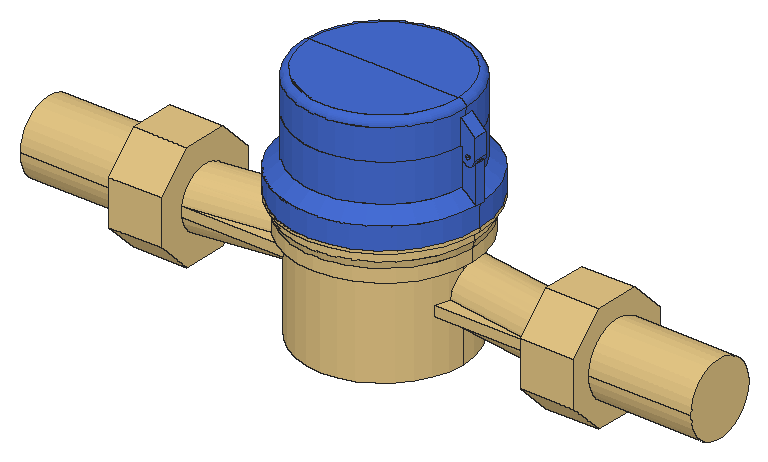
Revit family "DCST_Счетчик водяной общедомовой_ОСВХ_Нептун", category Арматура трубопроводов, Revit 2019
Family settings
  Размер круглого соединителя = Использовать диаметр
  Тип детали = Вставляется
  На основе рабочей плоскости = Нет
  Всегда вертикально = Да
  При загрузке вырезать с полостями = Нет
  Общий = Нет
Parameters (values of type "ОСВХ-25 "НЕПТУН"")
  УГО_Длина линии = L1  # 43 mm
  УГО_Длина = Монтажная длина - 20 mm + 2 * L2  # 194 mm
  УГО_Высота = УГО_Длина / 2  # 97 mm
  Тип счетчика [instance] = "крыльчатый"  # constant formula
  Тип водоснабжения [instance] = "холодное"  # constant formula
  Способ присоединения [instance] = "резьбовое"  # constant formula
  Сегмент товаров [instance] = "Общедомовые счетчики воды"  # constant formula
  Присоединение к трубопроводу [instance] = size_lookup(LT, "G", "", Диаметр условного прохода, Монтажная длина, ИПД_Код)  # "1 1/4\""
  Номинальный (рабочий) расход Qn [instance] = size_lookup(LT, "Qn", "", Диаметр условного прохода, Монтажная длина, ИПД_Код)  # "3.5 м3/ч"
  Номинальное давление [instance] = "16 кгс/см²"  # constant formula
  Наименование линейки [instance] = "ОСВХ \"НЕПТУН\""  # constant formula
  Мокроходный [instance] = "нет"  # constant formula
  Модификация оборудования [instance] = size_lookup(LT, "", "", Диаметр условного прохода, Монтажная длина, ИПД_Код)  # "ОСВХ-25 \"НЕПТУН\""
  Многоструйный [instance] = "нет"  # constant formula
  Минимальный расход Qmin_класс С [instance] = size_lookup(LT, "QminC", "", Диаметр условного прохода, Монтажная длина, ИПД_Код)  # "-"
  Минимальный расход Qmin_класс В [instance] = size_lookup(LT, "QminB", "", Диаметр условного прохода, Монтажная длина, ИПД_Код)  # "0.07 м3/ч"
  Минимальный расход Qmin_класс А [instance] = size_lookup(LT, "QminA", "", Диаметр условного прохода, Монтажная длина, ИПД_Код)  # "0.14 м3/ч"
  Метрологический класс / класс точности [instance] = if(Интерфейс передачи данных = Геркон, "класс \"C\"", "класс \"B\"")  # "класс \"B\""
  Межповерочный интервал [instance] = "6 лет"  # constant formula
  Материал корпуса [instance] = size_lookup(LT, "Mat", "", Диаметр условного прохода, Монтажная длина, ИПД_Код)  # "латунь"
  Максимальный расход Qmax [instance] = size_lookup(LT, "Qmax", "", Диаметр условного прохода, Монтажная длина, ИПД_Код)  # "7 м3/ч"
  Контакты_Разработчик = "support@bimlib.pro"  # constant formula
  Контакты_Производитель = "metronic@decast.com"  # constant formula
  Интерфейс передачи данных [instance] = ♦ : нет
  Изготовитель = "Декаст"  # constant formula
  ИПД_Код [instance] = if(Интерфейс передачи данных = Нет, 0, 1)  # 0
  Геркон = ♦ : импульсный выход (геркон)
  Нет = ♦ : нет
  Диапазон температуры измеряемой среды [instance] = size_lookup(LT, "T", "", Диаметр условного прохода, Монтажная длина, ИПД_Код)  # "от +5 до +50 °C"
  Диаметр условного прохода = 25 mm
  Watermark [instance] = "Модели защищены уникальным кодом"
  URL = "https://www.decast.com/"
  SW = 45 mm
  LT = "ОСВХ_253240"  # constant formula
  L2 = 22 mm
  L1 = 43 mm
  Монтажная длина = 170 mm
  F = 10 mm
  Dm = 30 mm
  DN40 = Диаметр условного прохода = 40 mm  # no
  DN2532 = not(DN40)  # yes
  D1 = 25 mm
  D = 25 mm
  ADSK_Наименование [instance] = size_lookup(LT, "Name", "Не найдено: счетчик для воды общедомовой", Диаметр условного прохода, Монтажная длина, ИПД_Код)  # "Счетчик воды общедомовой, монтажная длина 170 мм, Qn=3.5 м3/ч, Qmax=7 м3/ч, G 1 1/4\""
  ADSK_Масса_Текст = ""
  ADSK_Масса [instance] = size_lookup(LT, "M", 0, Диаметр условного прохода, Монтажная длина, ИПД_Код)  # 1
  ADSK_Марка [instance] = Модификация оборудования  # "ОСВХ-25 \"НЕПТУН\""
  ADSK_Количество = 1  # constant formula
  ADSK_Код изделия [instance] = size_lookup(LT, "Art", "", Диаметр условного прохода, Монтажная длина, ИПД_Код)  # "76-25-01"
  ADSK_Завод-изготовитель = "Декаст"  # constant formula
  ADSK_Единица измерения = "шт."
  ADSK_Диаметр условный = 25 mm
Types (3, lengths in mm): name | УГО_Длина линии | УГО_Длина | УГО_Высота | Присоединение к трубопроводу | Номинальный (рабочий) расход Qn | Модификация оборудования | Минимальный расход Qmin_класс В | Минимальный расход Qmin_класс А | Максимальный расход Qmax | Диаметр условного прохода | SW | L2 | L1 | Монтажная длина | F | Dm | DN40 | DN2532 | D1 | D | ADSK_Наименование | ADSK_Масса | ADSK_Марка | ADSK_Код изделия | ADSK_Диаметр условный
  ОСВХ-25 "НЕПТУН" | 43 | 194 | 97 | "1 1/4\"" | "3.5 м3/ч" | "ОСВХ-25 \"НЕПТУН\"" | "0.07 м3/ч" | "0.14 м3/ч" | "7 м3/ч" | 25 | 45 | 22 | 43 | 170 | 10 | 30 | no | yes | 25 | 25 | "Счетчик воды общедомовой, монтажная длина 170 мм, Qn=3.5 м3/ч, Qmax=7 м3/ч, G 1 1/4\"" | 1 | "ОСВХ-25 \"НЕПТУН\"" | "76-25-01" | 25
  ОСВХ-32 "НЕПТУН" | 63 | 200 | 100 | "1 1/2\"" | "6 м3/ч" | "ОСВХ-32 \"НЕПТУН\"" | "0.12 м3/ч" | "0.24 м3/ч" | "12 м3/ч" | 32 | 55 | 25 | 63 | 170 | 8 | 40 | no | yes | 32 | 32 | "Счетчик воды общедомовой, монтажная длина 170 мм, Qn=6 м3/ч, Qmax=12 м3/ч, G 1 1/2\"" | 2 | "ОСВХ-32 \"НЕПТУН\"" | "76-32-01" | 32
  ОСВХ-40 "НЕПТУН" | 63 | 220 | 110 | "2\"" | "10 м3/ч" | "ОСВХ-40 \"НЕПТУН\"" | "0.2 м3/ч" | "0.4 м3/ч" | "20 м3/ч" | 40 | 65 | 25 | 63 | 190 | 13 | 45 | yes | no | 40 | 40 | "Счетчик воды общедомовой, монтажная длина 190 мм, Qn=10 м3/ч, Qmax=20 м3/ч, G 2\"" | 2.5 | "ОСВХ-40 \"НЕПТУН\"" | "76-40-01" | 40
Reference planes
  plane 1 "По центру (Вперед/Назад)": y = 0
  plane 2: z = 0
  plane 3 "По центру (Влево/Вправо)": x = 0
  plane 4: x = -85
  plane 5: x = 85
  plane 6: x = -140
  plane 7: x = 140
  plane 8: x = -75
  plane 9: x = -97
  plane 10: x = 75
  plane 11: x = 97
  plane 12: y = 10
  plane 13: y = -12.5
  plane 14: y = 12.5
Forms (mm)
  Revolve 1, solid, material "Латунь", visible <- "DN2532", detail levels fine
    sketch origin (0, 0, 0) x (1, 0, 0) y (0, 0, 1)
      loop
        line (0, -24.9) -> (0, 28.6) -> (-40, 28.6) -> (-40, 27.4) -> (-37.65, 27.4) -> (-37.65, 23.1) -> (-36.75, 20.2) -> (-36.75, 14.7) -> (-33.1, 14.7) -> (-33.1, -24.9) -> (0, -24.9)
      axis (0, -24.9) -> (0, 28.6)
    angle from 0 to 360
  Blend 2, solid, material "Латунь", visible <- "DN2532", detail levels fine
    base sketch origin (0, 0, 0) x (0, 1, 0) y (0, 0, 1)
      loop
        circle (0, 0) r 12.5
    top sketch origin (0, 0, 0) x (0, 1, 0) y (0, 0, 1)
      loop
        circle (10, 0) r 12.5
    from -75 to -5
  Blend 3, solid, material "Латунь", visible <- "DN2532", detail levels fine
    base sketch origin (0, 0, 0) x (0, 1, 0) y (0, 0, -1)
      loop
        circle (0, 0) r 12.5
    top sketch origin (0, 0, 0) x (0, 1, 0) y (0, 0, -1)
      loop
        circle (10, 0) r 12.5
    from -75 to -5
  Extrusion 4, solid, material "Латунь", detail levels fine
    sketch origin (0, 0, 0) x (0, 1, 0) y (0, 0, 1)
      loop
        line (-22.5, -9.32) -> (-9.32, -22.5) -> (9.32, -22.5) -> (22.5, -9.32) -> (22.5, 9.32) -> (9.32, 22.5) -> (-9.32, 22.5) -> (-22.5, 9.32) -> (-22.5, -9.32)
    from -97 to -75
  Extrusion 5, solid, material "Латунь", detail levels fine
    sketch origin (0, 0, 0) x (0, 1, 0) y (0, 0, 1)
      loop
        line (-9.32, 22.5) -> (-22.5, 9.32) -> (-22.5, -9.32) -> (-9.32, -22.5) -> (9.32, -22.5) -> (22.5, -9.32) -> (22.5, 9.32) -> (9.32, 22.5) -> (-9.32, 22.5)
    from 75 to 97
  Extrusion 6, solid, material "Латунь", detail levels fine
    sketch origin (0, 0, 0) x (0, 1, 0) y (0, 0, 1)
      loop
        circle (0, 0) r 15
    from -140 to -97
  Extrusion 7, solid, material "Латунь", detail levels fine
    sketch origin (0, 0, 0) x (0, 1, 0) y (0, 0, 1)
      loop
        circle (0, 0) r 15
    from 97 to 140
  Revolve 8, solid, material "Декаст_Крышка счетчика синяя", visible <- "DN2532", detail levels fine
    sketch origin (0, 0, 0) x (1, 0, 0) y (0, 0, 1)
      loop
        line (0, 28.6) -> (0, 58.6) -> (-34.15, 58.6) -> (-34.15, 42.7) -> (-40, 37.7) -> (-40, 28.6) -> (0, 28.6)
      axis (0, 28.6) -> (0, 58.6)
    angle from 0 to 360
  Revolve 9, solid, material "Декаст_Крышка счетчика синяя", visible <- "DN2532", detail levels fine
    sketch origin (0, 0, 0) x (1, 0, 0) y (0, 0, 1)
      loop
        line (0, 58.6) -> (0, 74.4) -> (-31.15, 74.4)
        arc (-31.15, 74.4) -> (-33.271, 73.521) -> (-34.15, 71.4) r 3
        line (-34.15, 71.4) -> (-34.15, 58.6) -> (0, 58.6)
      axis (0, 58.6) -> (0, 74.4)
    angle from 0 to 360
  Extrusion 10, solid, material "Декаст_Крышка счетчика синяя", visible <- "DN2532", detail levels fine
    sketch origin (-30, 0, 0) x (1, 0, 0) y (0, 0, 1)
      loop
        line (64.15, 58.6) -> (65.15, 58.6) -> (65.15, 54.6)
        arc (65.15, 54.6) -> (67.575, 52.175) -> (70, 54.6) r 2.425
        line (70, 54.6) -> (70, 63.25) -> (64.15, 69.1) -> (64.15, 58.6)
      loop
        circle (67.575, 55.6) r 1
    from -3 to 3
  Extrusion 11, solid, material "Декаст_Крышка счетчика синяя", visible <- "DN2532", detail levels fine
    sketch origin (-30, 0, 0) x (1, 0, 0) y (0, 0, 1)
      loop
        line (70, 37.7) -> (70, 63.25) -> (64.15, 63.25) -> (64.15, 42.7) -> (70, 37.7)
    from -2 to 2
  Revolve 12, solid, material "Латунь", visible <- "DN40", detail levels fine
    sketch origin (0, 0, 0) x (1, 0, 0) y (0, 0, 1)
      loop
        line (0, 37.346) -> (-46.313, 37.346) -> (-46.313, 35.842) -> (-45.291, 34.82) -> (-45.291, 30.487)
        arc (-45.291, 30.487) -> (-43.651, 25.032) -> (-39.274, 21.385) r 9.893
        line (-39.274, 21.385) -> (-39.274, -25.138)
        arc (-39.274, -25.138) -> (-38.454, -27.118) -> (-36.474, -27.938) r 2.8
        line (-36.474, -27.938) -> (0, -27.938) -> (0, 37.346)
      axis (0, -27.938) -> (0, 37.346)
    angle from 0 to 360
  Revolve 13, solid, material "Декаст_Крышка счетчика синяя", visible <- "DN40", detail levels fine
    sketch origin (0, 0, 0) x (1, 0, 0) y (0, 0, 1)
      loop
        line (-33.374, 56.108) -> (-46.714, 42.614) -> (-46.714, 37.346) -> (0, 37.346) -> (0, 79.047) -> (-30.374, 79.047)
        arc (-30.374, 79.047) -> (-32.495, 78.168) -> (-33.374, 76.047) r 3
        line (-33.374, 76.047) -> (-33.374, 56.108)
      axis (0, 37.346) -> (0, 79.047)
    angle from 0 to 360
  Extrusion 14, solid, material "Декаст_Крышка счетчика синяя", visible <- "DN40", detail levels fine
    sketch origin (0, 0, 0) x (1, 0, 0) y (0, 0, 1)
      loop
        line (33.374, 74.905) -> (31.71, 74.905) -> (31.71, 64.366) -> (34.71, 64.366) -> (34.71, 60.554)
        arc (34.71, 60.554) -> (36.956, 58.182) -> (39.286, 60.471) r 2.289
        line (39.286, 60.471) -> (39.286, 68.664) -> (33.374, 74.905)
      loop
        circle (37.144, 61.386) r 0.98
    from -3 to 3
  Extrusion 15, solid, material "Декаст_Крышка счетчика синяя", visible <- "DN40", detail levels fine
    sketch origin (0, 0, 0) x (1, 0, 0) y (0, 0, 1)
      loop
        line (39.286, 68.664) -> (32.286, 68.664) -> (32.286, 50.128) -> (39.286, 50.128) -> (39.286, 68.664)
    from -2 to 2
  Blend 16, solid, material "Латунь", visible <- "DN40", detail levels fine
    base sketch origin (0, 0, 0) x (0, 1, 0) y (0, 0, 1)
      loop
        circle (0, 0) r 12.5
    top sketch origin (0, 0, 0) x (0, 1, 0) y (0, 0, 1)
      loop
        circle (10, 0) r 12.5
    from 75 to 5
  Blend 17, solid, material "Латунь", visible <- "DN40", detail levels fine
    base sketch origin (0, 0, 0) x (0, 1, 0) y (0, 0, 1)
      loop
        circle (0, 0) r 12.5
    top sketch origin (0, 0, 0) x (0, 1, 0) y (0, 0, 1)
      loop
        circle (10, 0) r 12.5
    from -75 to -5
  Extrusion 18, solid, material "Латунь", detail levels fine
    sketch origin (0, 0, 0) x (1, 0, 0) y (0, 1, 0)
      loop
        line (-75, -12.5) -> (75, -12.5) -> (75, 0) -> (-75, 0) -> (-75, -12.5)
    from -2 to 2
Cuts and joins
  joined: Revolve 1, Blend 2, Blend 3
  joined: Revolve 12, Blend 16, Blend 17
Dimensions and locks
  equal spacing: plane 4, plane 3 "По центру (Влево/Вправо)", plane 5
  "Монтажная длина": plane 4 to plane 5
  locked: plane 8 to plane 4 at 10
  locked: plane 10 to plane 5 at 10
  "F": plane 1 "По центру (Вперед/Назад)" to plane 12
  equal spacing: Extrusion 4 sketch curve, level, Extrusion 4 sketch curve
  "SW": Extrusion 4 sketch curve to Extrusion 4 sketch curve  (x4)
  equal spacing: Extrusion 4 sketch curve, plane 1 "По центру (Вперед/Назад)", Extrusion 4 sketch curve  (x3)
  equal spacing: Extrusion 5 sketch curve, level, Extrusion 5 sketch curve
  "SW": Extrusion 5 sketch curve to Extrusion 5 sketch curve  (x4)
  equal spacing: Extrusion 5 sketch curve, plane 1 "По центру (Вперед/Назад)", Extrusion 5 sketch curve  (x3)
  "L2": plane 8 to plane 9
  "L2": plane 10 to plane 11
  "L1": plane 6 to plane 9
  "L1": plane 11 to plane 7
  equal spacing: plane 14, plane 1 "По центру (Вперед/Назад)", plane 13
  "D1": plane 13 to plane 14
  "D": diameter of Blend 2 sketch curve
  "D1": diameter of Blend 2 sketch curve
  "D": diameter of Blend 3 sketch curve
  "D1": diameter of Blend 3 sketch curve
  "Dm": diameter of Extrusion 6 sketch curve
  "Dm": diameter of Extrusion 7 sketch curve
  radius of Revolve 9 sketch curve = 3 mm
  "D": diameter of Blend 16 sketch curve
  "D1": diameter of Blend 16 sketch curve
  "D": diameter of Blend 17 sketch curve
  "D1": diameter of Blend 17 sketch curve
  angle Extrusion 4 sketch curve to Extrusion 4 sketch curve = 135.00°  (x8)
  angle Extrusion 5 sketch curve to Extrusion 5 sketch curve = 135.00°  (x8)
  aligned and locked: level to plane 2
  aligned and locked: plane 1 "По центру (Вперед/Назад)" to Blend 2 sketch curve
  aligned and locked: level to Blend 2 sketch curve  (x2)
  aligned and locked: plane 12 to Blend 2 sketch curve
  aligned and locked: Blend 2 to plane 8
  aligned and locked: plane 1 "По центру (Вперед/Назад)" to Blend 3 sketch curve
  aligned and locked: level to Blend 3 sketch curve  (x2)
  aligned and locked: plane 12 to Blend 3 sketch curve
  aligned and locked: Blend 3 to plane 10
  aligned and locked: plane 8 to Extrusion 4
  aligned and locked: Extrusion 4 to plane 9
  aligned and locked: plane 10 to Extrusion 5
  aligned and locked: Extrusion 5 to plane 11
  aligned and locked: plane 1 "По центру (Вперед/Назад)" to Extrusion 6 sketch curve
  aligned and locked: level to Extrusion 6 sketch curve
  aligned and locked: level to Extrusion 7 sketch curve
  aligned and locked: plane 1 "По центру (Вперед/Назад)" to Extrusion 7 sketch curve
  aligned and locked: plane 11 to Extrusion 7
  aligned and locked: Extrusion 7 to plane 7
  aligned and locked: plane 9 to Extrusion 6
  aligned and locked: Extrusion 6 to plane 6
  aligned and locked: plane 3 "По центру (Влево/Вправо)" to nested 1
  aligned and locked: nested 1 to level
  aligned and locked: plane 3 "По центру (Влево/Вправо)" to nested 2
  aligned and locked: plane 1 "По центру (Вперед/Назад)" to nested 2
  aligned and locked: plane 12 to Blend 16 sketch curve
  aligned and locked: level to Blend 16 sketch curve
  aligned and locked: Blend 16 to plane 10
  aligned and locked: Blend 17 to plane 8
  aligned and locked: Extrusion 18 sketch curve to plane 1 "По центру (Вперед/Назад)"
  aligned and locked: Extrusion 18 sketch curve to plane 10
  aligned and locked: Extrusion 18 sketch curve to plane 8
  aligned and locked: plane 13 to Extrusion 18 sketch curve
Automatic sketch dimensions
  Revolve 12 sketch curve to Revolve 12 sketch curve = 3.876 mm
  Revolve 12 sketch curve to Revolve 12 sketch curve = 9.893 mm
  Revolve 12 sketch curve to Revolve 12 sketch curve = 1.022 mm  (x2)
  Revolve 12 sketch curve to Revolve 12 sketch curve = 4.333 mm
  Revolve 12 sketch curve to Revolve 12 sketch curve = 6.859 mm
  Revolve 13 sketch curve to Revolve 13 sketch curve = 3 mm
  Revolve 13 sketch curve to Revolve 13 sketch curve = 13.34 mm
  Revolve 13 sketch curve to Revolve 13 sketch curve = 5.268 mm
  Revolve 13 sketch curve to Revolve 13 sketch curve = 13.494 mm
  Revolve 13 sketch curve to Revolve 13 sketch curve = 19.938 mm
  Extrusion 14 sketch curve to Extrusion 14 sketch curve = 3 mm
  Extrusion 14 sketch curve to Extrusion 14 sketch curve = 2.287 mm
  Extrusion 14 sketch curve to Extrusion 14 sketch curve = 0.147 mm
  Extrusion 14 sketch curve to Extrusion 14 sketch curve = 4.576 mm
  Extrusion 14 sketch curve to Extrusion 14 sketch curve = 0.915 mm
  Extrusion 14 sketch curve to Extrusion 14 sketch curve = 3.812 mm
  Extrusion 14 sketch curve to Extrusion 14 sketch curve = 4.298 mm
  Extrusion 14 sketch curve to Extrusion 14 sketch curve = 1.664 mm
  Extrusion 14 sketch curve to Extrusion 14 sketch curve = 6.242 mm
  Extrusion 15 sketch curve to Extrusion 15 sketch curve = 7 mm
  Extrusion 15 sketch curve to Extrusion 15 sketch curve = 18.536 mm
  Revolve 12 sketch curve to Revolve 12 sketch curve = 2.8 mm
  Revolve 12 sketch curve to Revolve 12 sketch curve = 36.474 mm
  Revolve 12 sketch curve to Revolve 12 sketch curve = 46.523 mm
  Revolve 12 sketch curve to Revolve 12 sketch curve = 0 mm
  Revolve 12 sketch curve to Revolve 12 sketch curve = 28.79 mm
  Revolve 12 sketch curve to Revolve 12 sketch curve = 3 mm
  Revolve 13 sketch curve to Revolve 13 sketch curve = 30.374 mm
  Revolve 13 sketch curve to Revolve 13 sketch curve = 0 mm
  Revolve 13 sketch curve to Revolve 13 sketch curve = 32.346 mm
  Revolve 13 sketch curve to Revolve 13 sketch curve = 5 mm
  Revolve 1 sketch curve to plane 3 "По центру (Влево/Вправо)" = 0 mm  (x2)
  Revolve 1 sketch curve to level = 0 mm
  Revolve 1 sketch curve to Revolve 1 sketch curve = 33.1 mm
  Revolve 1 sketch curve to Revolve 1 sketch curve = 3.65 mm
  Revolve 1 sketch curve to Revolve 1 sketch curve = 0.9 mm
  Revolve 1 sketch curve to Revolve 1 sketch curve = 2.35 mm
  Revolve 1 sketch curve to level = 24.9 mm
  level to Revolve 1 sketch curve = 14.7 mm
  Revolve 1 sketch curve to Revolve 1 sketch curve = 5.5 mm
  Revolve 1 sketch curve to Revolve 1 sketch curve = 2.9 mm
  Revolve 1 sketch curve to Revolve 1 sketch curve = 4.3 mm
  Revolve 1 sketch curve to Revolve 1 sketch curve = 1.2 mm
  Revolve 1 sketch curve to Revolve 1 sketch curve = 5 mm
  Revolve 8 sketch curve to plane 3 "По центру (Влево/Вправо)" = 0 mm  (x2)
  Revolve 8 sketch curve to level = 0 mm
  Revolve 8 sketch curve to Revolve 8 sketch curve = 34.15 mm
  Revolve 8 sketch curve to Revolve 8 sketch curve = 5.85 mm
  level to Revolve 8 sketch curve = 28.6 mm
  Revolve 8 sketch curve to Revolve 8 sketch curve = 9.1 mm
  Revolve 8 sketch curve to Revolve 8 sketch curve = 5 mm
  Revolve 8 sketch curve to Revolve 8 sketch curve = 30 mm
  level to Revolve 8 sketch curve = 5 mm
  Revolve 9 sketch curve to plane 3 "По центру (Влево/Вправо)" = 0 mm  (x2)
  Revolve 9 sketch curve to level = 0 mm
  Revolve 9 sketch curve to plane 3 "По центру (Влево/Вправо)" = 31.15 mm
  level to Revolve 9 sketch curve = 58.6 mm
  Revolve 9 sketch curve to Revolve 9 sketch curve = 12.8 mm
  level to Revolve 9 sketch curve = 5 mm
  plane 3 "По центру (Влево/Вправо)" to Extrusion 10 sketch curve = 34.15 mm
  Extrusion 10 sketch curve to Extrusion 10 sketch curve = 1 mm  (x2)
  Extrusion 10 sketch curve to Extrusion 10 sketch curve = 2.425 mm
  Extrusion 10 sketch curve to Extrusion 10 sketch curve = 0 mm
  level to Extrusion 10 sketch curve = 54.6 mm
  Extrusion 10 sketch curve to Extrusion 10 sketch curve = 4 mm
  Extrusion 10 sketch curve to Extrusion 10 sketch curve = 4.65 mm
  Extrusion 10 sketch curve to Extrusion 10 sketch curve = 5.85 mm
  plane 3 "По центру (Влево/Вправо)" to Extrusion 11 sketch curve = 34.15 mm
  Extrusion 11 sketch curve to Extrusion 11 sketch curve = 5.85 mm
  level to Extrusion 11 sketch curve = 37.7 mm
  Extrusion 11 sketch curve to Extrusion 11 sketch curve = 5 mm
  Extrusion 11 sketch curve to Extrusion 11 sketch curve = 20.55 mm
  Revolve 12 sketch curve to plane 3 "По центру (Влево/Вправо)" = 0 mm
  Revolve 12 sketch curve to level = 27.938 mm
  Revolve 13 sketch curve to plane 3 "По центру (Влево/Вправо)" = 0 mm
  Revolve 13 sketch curve to level = 0 mm
  plane 3 "По центру (Влево/Вправо)" to Extrusion 14 sketch curve = 31.71 mm
  level to Extrusion 14 sketch curve = 60.471 mm
  plane 3 "По центру (Влево/Вправо)" to Extrusion 15 sketch curve = 32.286 mm
  level to Extrusion 15 sketch curve = 50.128 mm
  Blend 16 sketch curve to level = 0 mm
  Blend 16 sketch curve to plane 1 "По центру (Вперед/Назад)" = 0 mm
  Blend 17 sketch curve to level = 0 mm  (x2)
  Blend 17 sketch curve to plane 1 "По центру (Вперед/Назад)" = 0 mm
  Blend 17 sketch curve to plane 12 = 0 mm
  radius of Extrusion 14 sketch curve = 0.98 mm
  radius of Extrusion 10 sketch curve = 1 mm
Nested families
  nested 1: "УГО_Водомер" at (0, 0, 0) x (1, 0, 0) z (0, -1, 0), A <- "УГО_Длина", B <- "УГО_Высота", C <- "УГО_Длина линии", type "УГО_Водомер", detail levels coarse+medium
    with C 43 mm, B 97 mm, A 194 mm
  nested 2: "УГО_ЭУ_Водомер (счетчик воды)" at (0, 0, 44), УГО_Длина <- "УГО_Длина", УГО_Длина линии <- "УГО_Длина линии", УГО_Ширина <- "УГО_Высота", type "УГО_ЭУ_Водомер (счетчик воды)", detail levels coarse+medium
    with УГО_Ширина 97 mm, УГО_Длина линии 43 mm, УГО_Длина 194 mm
Connectors
  piping at (-140, 0, 0), diameter 25, driven by "ADSK_Диаметр условный"
    settings: on Extrusion 6, index 1, connector inside diameter 609.6 mm, connector length 0 mm, flow factor 0, pipe flow 0.0 L/s, pressure drop 0.0 Pa, fitting loss kfactor 0, connector angle 0.00°, fixture units 0, engagement length 0 mm, angle of deflection 0.00°, flow configuration 0, flow direction 0, fitting loss method 0, system type 29, joint type 0, gender type 0, connector reference index -1, connector utility 0, adjustable connector no, is connector primary yes, connector description ""
  piping at (140, 0, 0), diameter 25, driven by "ADSK_Диаметр условный"
    settings: on Extrusion 7, index 2, connector inside diameter 609.6 mm, connector length 0 mm, flow factor 0, pipe flow 0.0 L/s, pressure drop 0.0 Pa, fitting loss kfactor 0, connector angle 0.00°, fixture units 0, engagement length 0 mm, angle of deflection 0.00°, flow configuration 0, flow direction 0, fitting loss method 0, system type 29, joint type 0, gender type 0, connector reference index -1, connector utility 0, adjustable connector no, is connector primary no, connector description ""
Definition of nested family "УГО_Водомер"
  Parameters (values of type "УГО_Водомер")
    C [instance] = 50 mm
    B [instance] = 100 mm
    A [instance] = 200 mm
  Reference planes
    plane 1 "По центру (Вперед/Назад)": y = 0
    plane 2: z = 0
    plane 3 "По центру (Влево/Вправо)": x = 0
    plane 4: x = -100
    plane 5: x = 100
    plane 6: y = -50
    plane 7: y = 50
    plane 8: x = -150
    plane 9: x = 150
  Forms (mm)
    Extrusion 1, solid
      sketch origin (0, 0, 0) x (1, 0, 0) y (0, 1, 0)
        loop
          line (-100, -50) -> (100, 50) -> (-100, 50) -> (-100, -50)
      from -1 to 1
    Extrusion 2, solid
      sketch origin (0, 0, 0) x (1, 0, 0) y (0, 1, 0)
        loop
          line (-100, -50) -> (100, -50) -> (100, 50) -> (-100, -50)
      from -1 to 1
  Lines and regions (mm)
    model lines
      curve 1: line (100, 0, 0) -> (150, 0, 0)
      curve 2: line (-100, 0, 0) -> (-150, 0, 0)
  Dimensions and locks
    equal spacing: plane 4, plane 3 "По центру (Влево/Вправо)", plane 5
    "A": plane 4 to plane 5
    equal spacing: plane 6, plane 1 "По центру (Вперед/Назад)", plane 7
    "B": plane 6 to plane 7
    "C": plane 8 to plane 4
    equal spacing: plane 8, plane 3 "По центру (Влево/Вправо)", plane 9
    aligned and locked: level to plane 2
    aligned and locked: plane 7 to Extrusion 1 sketch curve
    aligned and locked: plane 6 to Extrusion 1 sketch curve
    aligned and locked: plane 4 to Extrusion 1 sketch curve  (x2)
    aligned and locked: plane 5 to Extrusion 1 sketch curve
    aligned and locked: plane 4 to Extrusion 2 sketch curve
    aligned and locked: Extrusion 2 sketch curve to plane 6
    aligned and locked: plane 7 to Extrusion 2 sketch curve
    aligned and locked: plane 6 to Extrusion 2 sketch curve
    aligned and locked: Extrusion 2 sketch curve to plane 5
    aligned and locked: plane 8 to curve 2
    aligned and locked: plane 4 to curve 2
    aligned and locked: plane 9 to curve 1
    aligned and locked: plane 5 to curve 1
  Automatic sketch dimensions
    plane 1 "По центру (Вперед/Назад)" to curve 1 = 0 mm
    plane 1 "По центру (Вперед/Назад)" to curve 2 = 0 mm
Definition of nested family "УГО_ЭУ_Водомер (счетчик воды)"
  Parameters (values of type "УГО_ЭУ_Водомер (счетчик воды)")
    УГО_Ширина [instance] = 70 mm
    УГО_Длина линии [instance] = 15 mm
    УГО_Длина [instance] = 110 mm
  Reference planes
    plane 1 "По центру (Вперед/Назад)": y = 0
    plane 2: z = 0
    plane 3 "По центру (Влево/Вправо)": x = 0
    plane 4: x = -55
    plane 5: x = 55
    plane 6: y = 35
    plane 7: y = -35
  Lines and regions (mm)
    Filled region 1, type "Сплошная заливка - Черный", in view "Опорный уровень"
      outline origin (0, 0, 0) x (1, 0, 0) y (0, 1, 0)
        loop
          line (55, -35) -> (55, 35) -> (-55, -35) -> (55, -35)
    detail lines, in view "Опорный уровень"
      curve 1: line (-55, -35, 0) -> (-55, 35, 0)
      curve 2: line (-55, 35, 0) -> (55, 35, 0)
      curve 3: line (55, 35, 0) -> (-55, -35, 0)
      curve 4: line (55, -35, 0) -> (55, 35, 0)
      curve 5: line (55, -35, 0) -> (-55, -35, 0)
      curve 6: line (-55, -35, 0) -> (55, 35, 0)
      curve 7: line (55, 0, 0) -> (70, 0, 0)
      curve 8: line (-55, 0, 0) -> (-70, 0, 0)
  Dimensions and locks
    equal spacing: plane 4, plane 3 "По центру (Влево/Вправо)", plane 5
    "УГО_Длина": plane 4 to plane 5
    equal spacing: plane 7, plane 1 "По центру (Вперед/Назад)", plane 6
    "УГО_Ширина": plane 6 to plane 7
    "УГО_Длина линии": plane 5 to curve 7
    "УГО_Длина линии": curve 8 to plane 4
    aligned and locked: curve 2 to plane 6
    aligned and locked: plane 7 to curve 3
    aligned and locked: plane 5 to curve 2
    aligned and locked: curve 4 to plane 5
    aligned and locked: curve 5 to plane 7
    aligned and locked: plane 4 to curve 6
    aligned and locked: plane 6 to curve 6
    aligned and locked: Filled region 1 sketch curve to curve 5
    aligned and locked: Filled region 1 sketch curve to curve 4
    aligned and locked: Filled region 1 sketch curve to curve 6
    aligned and locked: plane 1 "По центру (Вперед/Назад)" to curve 7
    aligned and locked: curve 8 to plane 1 "По центру (Вперед/Назад)"
